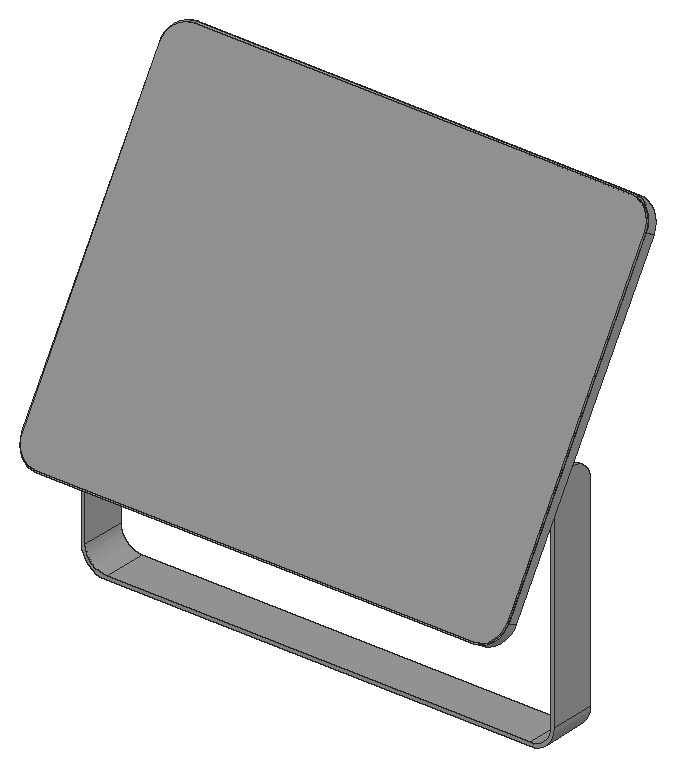
Revit family "0047976 Sylvania Lighting Fixture START eco Flood Flat IP65 9000lm 830", category Lighting Fixtures, host Face, Revit 2016
Family settings
  Host = Face
  Part Type = Normal
  Round Connector Dimension = Use Diameter
  OmniClass Number = 23.80.70.00
  OmniClass Title = Lighting
  Cut with Voids When Loaded = No
  Light Source = No
  Shared = No
  Room Calculation Point = No
Parameters (values of type "0047976 ST E FLD FLT IP65 9000LM 830")
  WidthBracketIn_SYL = if([10W_SYL], 102.2 mm, if([30W_SYL], 143.3 mm, if([50W_SYL], 181 mm, 262.8 mm)))  # 262.8 mm
  Weight = "8.875 kg"
  Wattage Comments = ""
  WarrantyStartDate [instance] = "n/a"
  WarrantyGuarantorParts = "n/a"
  WarrantyDurationUnit = "n/a"
  WarrantyDurationParts = "n/a"
  WarrantyDescription = "n/a"
  Voltage = 0 V
  URL = "http://www.sylvania-lighting.com"
  TypeName = "START eco Flood Flat IP65 9000lm 830"
  TypeLight_SYL = START eco Flood Flat Lamp : 0047976 ST E FLD FLT IP65 9000LM 830
  Type Image = <None>
  Type Comments = "n/a"
  ThicknessBracket_SYL = if([10W_SYL], 1.5 mm, 2 mm)  # 2 mm
  SerialNumber [instance] = "n/a"
  RotationAngle_SYL [instance] = 32.00°
  RadiusBracket_SYL = if([10W_SYL], 7.7 mm, if([30W_SYL], 8 mm, if([50W_SYL], 17 mm, 14 mm)))  # 14 mm
  RadiusBracketIn_SYL = RadiusBracket_SYL - ThicknessBracket_SYL  # 12 mm
  OffsetAxis_SYL = DepthBracket_SYL / 2  # 12.5 mm
  PowerFactor = 0.9
  PowerConsumption = "100 W"
  NominalLength = 283 mm
  NominalHeight = 44 mm
  NominalDepth = 263 mm
  Name = "START eco Flood Flat IP65 9000lm 830"
  ModelReference = Name  # "START eco Flood Flat IP65 9000lm 830"
  ModelNumber = "0047976"
  Model = Name  # "START eco Flood Flat IP65 9000lm 830"
  Material = "adc12 housing"
  ManufacturerName = "Feilo Sylvania"
  Manufacturer = "Feilo Sylvania"
  LuminousEfficacy = "90 lm/W"
  LuminaireType = ""
  LightOutputRatio = "n/a"
  LampsType = Lamp  # "LED"
  LampNominalLuminous = "9000 lm"
  LampMacAdamStep = "n/a"
  LampColourTemperature = "3000 K"
  LampColourRenderingIndex = "80"
  Lamp = "LED"
  Keynote = "16500"
  InstallationDate [instance] = "n/a"
  InputVoltage = "n/a"
  InputNominalFrequency = "n/a"
  IngressProtection = "IP65"
  ImpactProtectionIndex = "IK07"
  IfcExportType = "IfcLightFixtureType"
  IfcExportAs = "IfcLightFixtureType"
  HeightBracket_SYL = if([10W_SYL], 55 mm, if([30W_SYL], 70 mm, if([50W_SYL], 110 mm, 141 mm)))  # 141 mm
  ExpectedLife = 30000
  EndAngle_SYL [instance] = RotationAngle_SYL + 180.00°  # 212.00°
  ElectricShockClassification = "Class I"
  DurationUnit = "hours"
  DocumentationLiterature = "http://www.sylvania-lighting.com/product/en-int/products/0047976"
  DimmingControlOptions = "n/a"
  Description = "The new Start eco Flood Flat comes with improved design. The streamlined, durable, lightweight die-cast aluminium body makes it a perfect choice for building facades, car parks, garages and construction areas. The product includes 1 m pre-wired stripped cable and fitting bracket for quick and easy installation and the universal mounting bracket allows wall or surface mounting with the possibility of vertical tilting. Black die-cast aluminum housing, white reflector, 9000 lm, 100 W, 90 lm/W, 3000K, drive current 386 mA, non dimmable, CRI>80, IP65, IK07, Class I, lumen maintenance L70:B50: 30000 hrs, 283 x 263 x 44 mm (L x W x H). Weight: 1.775kg. Energy class: A++ A+ A."
  DepthBracket_SYL = if([10W_SYL], 15 mm, if([30W_SYL], 15 mm, if([50W_SYL], 17 mm, 25 mm)))  # 25 mm
  Default Elevation = 1219.2 mm
  CreatedOn = "10/8/2018"
  CreatedBy = "@sylvania-lighting.com"
  Cost = 0
  built-in parameter 1114216 [instance] = (empty or 0)
  ClassificationValue = "EF_70_80"
  ClassificationName = "Uniclass2015"
  Material_1_SYL = Body-Sylvania-FloodFlat-Black
  BarCode [instance] = "n/a"
  AssetType = "Fixed"
  AssetIdentifier [instance] = "n/a"
  Assembly Code = "D5020200"
  Apparent Load = 100 VA
  50W_SYL = no
  30W_SYL = no
  10W_SYL = no
Reference planes
  plane 1 "Center (Front/Back)": y = 0
  plane 2: z = 0
  plane 3 "Center (Left/Right)": x = 0
  plane 4: x = -133.4
  plane 5: x = 133.4
  plane 6: z = 141
  plane 7: z = 128.5
  plane 8: x = -131.4
  plane 9: x = 131.4
  plane 10: z = 2
  plane 11: y = 12.5
  plane 12: y = -12.5
  plane 13: x = -119.4
  plane 14: z = 14
  plane 15: x = 119.4
  plane 16: y = -14.5
  plane 17: z = 143
  plane 18: y = 14.5
Forms (mm)
  Extrusion 1, solid, material "Body-Sylvania-FloodFlat-Black" <- "Material_1_SYL"
    sketch origin (0, 0, 0) x (1, 0, 0) y (0, 0, 1)
      loop
        line (-131.4, 141) -> (-133.4, 141) -> (-133.4, 14)
        arc (-133.4, 14) -> (-129.299, 4.101) -> (-119.4, 0) r 14
        line (-119.4, 0) -> (119.4, 0)
        arc (119.4, 0) -> (129.299, 4.101) -> (133.4, 14) r 14
        line (133.4, 14) -> (133.4, 141) -> (131.4, 141) -> (131.4, 14)
        arc (131.4, 14) -> (127.885, 5.515) -> (119.4, 2) r 12
        line (119.4, 2) -> (-119.4, 2)
        arc (-119.4, 2) -> (-127.885, 5.515) -> (-131.4, 14) r 12
        line (-131.4, 14) -> (-131.4, 141)
    from -12.5 to 12.5
  Extrusion 2, void
    sketch origin (0, 0, 0) x (0, 1, 0) y (0, 0, 1)
      loop
        line (12.5, 128.5) -> (14.5, 128.5) -> (14.5, 143) -> (-14.5, 143) -> (-14.5, 128.5) -> (-12.5, 128.5)
        arc (-12.5, 128.5) -> (0, 141) -> (12.5, 128.5) r 12.5
    from -133.4 to 133.4
  Revolve 3, solid, not visible
    sketch origin (0, 0, 0) x (1, 0, 0) y (0, 0, 1)
      loop
        line (0, 128.5) -> (0, 141) -> (-12.336, 141) -> (-12.336, 128.5) -> (0, 128.5)
      axis (0, 128.5) -> (-12.336, 128.5)
    angle from 32 <- "RotationAngle_SYL" to 212 <- "EndAngle_SYL"
Cuts and joins
  Extrusion 2 cuts Extrusion 1
Dimensions and locks
  equal spacing: plane 9, plane 3 "Center (Left/Right)", plane 8
  "WidthBracketIn_SYL": plane 9 to plane 8
  "ThicknessBracket_SYL": plane 8 to plane 4
  "ThicknessBracket_SYL": plane 5 to plane 9
  "ThicknessBracket_SYL": plane 10 to plane 2
  equal spacing: plane 12, plane 1 "Center (Front/Back)", plane 11
  "DepthBracket_SYL": plane 12 to plane 11
  "OffsetAxis_SYL": plane 7 to plane 6
  "HeightBracket_SYL": plane 6 to plane 2
  "RadiusBracket_SYL": plane 14 to plane 2
  equal spacing: plane 15, plane 3 "Center (Left/Right)", plane 13
  "RadiusBracket_SYL": plane 13 to plane 4
  equal spacing: plane 16, plane 1 "Center (Front/Back)", plane 18
  locked: plane 16 to plane 12 at 2
  locked: plane 6 to plane 17 at 2
  "RadiusBracket_SYL": radius of Extrusion 1 sketch curve  (x2)
  "RadiusBracketIn_SYL": radius of Extrusion 1 sketch curve  (x2)
  aligned and locked: plane 2 to host face
  aligned and locked: level to host face
  aligned and locked: Extrusion 1 sketch curve to plane 6  (x2)
  aligned and locked: Extrusion 1 sketch curve to plane 4
  aligned and locked: plane 5 to Extrusion 1 sketch curve
  aligned and locked: Extrusion 1 sketch curve to plane 9
  aligned and locked: Extrusion 1 sketch curve to plane 2
  aligned and locked: plane 13 to Extrusion 1 sketch curve
  aligned and locked: plane 14 to Extrusion 1 sketch curve  (x2)
  aligned and locked: plane 15 to Extrusion 1 sketch curve
  aligned and locked: Extrusion 1 to plane 11
  aligned and locked: plane 12 to Extrusion 1
  aligned and locked: plane 11 to Extrusion 2 sketch curve
  aligned and locked: plane 1 "Center (Front/Back)" to Extrusion 2 sketch curve
  aligned and locked: plane 7 to Extrusion 2 sketch curve
  aligned and locked: plane 17 to Extrusion 2 sketch curve
  aligned and locked: plane 18 to Extrusion 2 sketch curve
  aligned and locked: Extrusion 2 sketch curve to plane 16
  aligned and locked: Extrusion 2 sketch curve to plane 7  (x2)
  aligned and locked: plane 5 to Extrusion 2
  aligned and locked: Extrusion 2 to plane 4
  aligned and locked: Revolve 3 sketch curve to plane 7  (x2)
  aligned and locked: Revolve 3 sketch curve to plane 3 "Center (Left/Right)"
  aligned and locked: plane 6 to Revolve 3 sketch curve
  aligned and locked: plane 3 "Center (Left/Right)" to nested 1
Automatic sketch dimensions
  host sketch curve to host sketch curve = 2438.4 mm  (x2)
  Revolve 3 sketch curve to plane 3 "Center (Left/Right)" = 12.336 mm
  Revolve 3 sketch curve to plane 4 = 1122.5 mm
  plane 5 to Revolve 3 sketch curve = 1130.9 mm
Nested families
  nested 1: "START eco Flood Flat Lamp" at (0, 14.785, 152.161) x (1, 0, 0) z (0, -0.848, 0.5299), type <- "TypeLight_SYL", type "0047976 ST E FLD FLT IP65 9000LM 830"
    with built-in parameter 1114216 (empty or 0)
Connectors
  electrical at (0, 0, 0), driven by "Apparent Load", driven by "PowerFactor", driven by "Voltage"
    settings: index 1, voltage 0 V, apparent load 100 VA, apparent load phase1 0 VA, apparent load phase2 0 VA, apparent load phase3 0 VA, power factor 0.9, load classification "Lighting", number of poles 1, system type 30, power factor state 1, is connector primary yes, connector utility no, sub classification motor no, connector description ""
Definition of nested family "START eco Flood Flat Lamp"
  Parameters (values of type "0047977 ST E FLD FLT IP65 9000LM 840")
    Width_SYL = if([10W_SYL], 110 mm, if([30W_SYL], 151 mm, if([50W_SYL], 189 mm, 275 mm)))  # 275 mm
    WidthLEDBoard_SYL = if([10W_SYL], 40 mm, if([30W_SYL], 83 mm, if([50W_SYL], 80 mm, 180 mm)))  # 180 mm
    WidthVignette_SYL = if([10W_SYL], 78.6 mm, if([30W_SYL], 120 mm, if([50W_SYL], 157 mm, 226 mm)))  # 226 mm
    WidthBoltHousing_SYL = 4 * OffsetBoltHousing_SYL  # 24.5 mm
    Wattage Comments = "n/a"
    Wattage = 100 W
    built-in parameter 1150110 = 1 (stored number, unit not read)
    URL = "http://www.sylvania-lighting.com"
    Type Image = (empty or 0)
    Type Comments = "n/a"
    built-in parameter 1114217 = 1 (stored number, unit not read)
    Tilt Angle = -90.00°
    ThicknessScreen_SYL = if([10W_SYL], 5 mm, if([30W_SYL], 5.2 mm, if([50W_SYL], 5.4 mm, 6.1 mm)))  # 6.1 mm
    ThicknessDiffuser_SYL = 0.8 mm  # constant formula
    built-in parameter 1150109 = 1 (stored number, unit not read)
    built-in parameter 1150134 = 12
    built-in parameter 1150113 = 1 (stored number, unit not read)
    RotationAxisFromTop_SYL = if([10W_SYL], 48.8 mm, if([30W_SYL], 61.7 mm, if([50W_SYL], 91.3 mm, 133.4 mm)))  # 133.4 mm
    RadiusLEDBoard_SYL = if([10W_SYL], 1.5 mm, if([30W_SYL], 2 mm, if([50W_SYL], 1.9 mm, 3.7 mm)))  # 3.7 mm
    RadiusDiffuser_SYL = RadiusCorners_SYL - ThicknessDiffuser_SYL  # 13.4 mm
    RadiusCorners_SYL = if([10W_SYL], 10.5 mm, if([30W_SYL], 10.7 mm, if([50W_SYL], 10.7 mm, 14.2 mm)))  # 14.2 mm
    RadiusBoltHousing_SYL = if([10W_SYL], 4.1 mm, if([30W_SYL], 4.9 mm, if([50W_SYL], 5 mm, 8.1 mm)))  # 8.1 mm
    RadiusBack_SYL = RadiusCorners_SYL - OffsetXBack_SYL / 3  # 10.117 mm
    RadiusBackB_SYL = RadiusBack_SYL - OffsetXBackB_SYL  # 7.054 mm
    Photometric Web File = "0047977.ies"
    PIR_SYL = no
    PIRHolderRadius_SYL = PIRBaseFillet_SYL + 2 mm  # 11 mm
    PIRFillet_SYL = 3 mm  # constant formula
    PIRBaseWidth_SYL = 38 mm
    PIRBaseFillet_SYL = PIRBaseDepth_SYL / 2  # 9 mm
    PIRBaseDepth_SYL = 18 mm
    OffsetYBack_SYL = (Height_SYL - HeightVignette_SYL) / 4  # 11 mm
    OffsetYBackB_SYL = OffsetYBack_SYL / 4  # 2.75 mm
    OffsetXBack_SYL = (Width_SYL - WidthVignette_SYL) / 4  # 12.25 mm
    OffsetXBackB_SYL = OffsetXBack_SYL / 4  # 3.063 mm
    OffsetBoltHousing_SYL = OffsetXBack_SYL / 2  # 6.125 mm
    Material_7_SYL = none
    Material_6_SYL = none
    Material_5_SYL = none
    Material_3_SYL = none
    Model = "START eco Flood Flat IP65 9000lm 840"
    Manufacturer = "Feilo Sylvania"
    built-in parameter 1150105 = 3437 (stored number, unit not read)
    Lumens = 9500 lm
    built-in parameter 1150115 = 1 (stored number, unit not read)
    built-in parameter 1150137 = (empty or 0)
    built-in parameter 1150139 = (empty or 0)
    built-in parameter 1150112 = 1 (stored number, unit not read)
    built-in parameter 1150114 = 1 (stored number, unit not read)
    Lamp = "LED"
    Keynote = "16500"
    Material_2_SYL = none
    InsertionPlaneFromTop_SYL = if([10W_SYL], 15.1 mm, if([30W_SYL], 14.5 mm, if([50W_SYL], 14.8 mm, 19.3 mm)))  # 19.3 mm
    built-in parameter 1150132 = (empty or 0)
    built-in parameter 1150102 = (empty or 0)
    built-in parameter 1150107 = 4000 (stored number, unit not read)
    built-in parameter 1150138 = (empty or 0)
    built-in parameter 1150106 = 34.37 (stored number, unit not read)
    Height_SYL = if([10W_SYL], 81.6 mm, if([30W_SYL], 112 mm, if([50W_SYL], 140.5 mm, 211 mm)))  # 211 mm
    HeightVignette_SYL = if([10W_SYL], 50 mm, if([30W_SYL], 81 mm, if([50W_SYL], 110 mm, 167 mm)))  # 167 mm
    HeightLEDBoard_SYL = if([10W_SYL], 25 mm, if([30W_SYL], 39 mm, if([50W_SYL], 56 mm, 132 mm)))  # 132 mm
    Emit from Rectangle Width = HeightVignette_SYL - 2 * RadiusVignette_SYL  # 146.2 mm
    Emit from Rectangle Length = WidthVignette_SYL - 2 * RadiusVignette_SYL  # 205.2 mm
    Emit Shape Visible in Rendering = no
    built-in parameter 1150104 = 8.8258 (stored number, unit not read)
    Dimming Lamp Color Temperature Shift = (empty or 0)
    DepthLEDBoard_SYL = (ThicknessScreen_SYL + DepthBack_SYL) / 9  # 2.289 mm
    DepthBack_SYL = if([10W_SYL], 10.2 mm, if([30W_SYL], 14.7 mm, if([50W_SYL], 16.9 mm, 14.5 mm)))  # 14.5 mm
    RadiusVignette_SYL = if([10W_SYL], 4.1 mm, if([30W_SYL], 4.1 mm, if([50W_SYL], 4.1 mm, 10.4 mm)))  # 10.4 mm
    Description = "The new Start eco Flood Flat comes with improved design. The streamlined, durable, lightweight die-cast aluminium body makes it a perfect choice for building facades, car parks, garages and construction areas. The product includes 1 m pre-wired stripped cable and fitting bracket for quick and easy installation and the universal mounting bracket allows wall or surface mounting with the possibility of vertical tilting. Black die-cast aluminum housing, white reflector, 9500 lm, 100 W, 95 lm/W, 4000K, drive current 386 mA, non dimmable, CRI>80, IP65, IK07, Class I, lumen maintenance L70:B50: 30000 hrs, 283 x 263 x 44 mm (L x W x H). Weight: 1.775kg. Energy class: A++ A+ A."
    DepthReflector_SYL = (ThicknessScreen_SYL + DepthBack_SYL) / 2  # 10.3 mm
    Default Elevation = 1219.2 mm
    Cost = 0
    Color Filter = 16777215
    built-in parameter 1114216 [instance] = (empty or 0)
    Material_1_SYL = none
    built-in parameter 1114218 = 1 (stored number, unit not read)
    built-in parameter 1150133 = 10 (stored number, unit not read)
    Assembly Code = "D5020200"
    Apparent Load = 100 VA
    Material_4_SYL = none
    50W_SYL = no
    30W_SYL = no
    10W_SYL = no
  Types (16, lengths in mm): name | Width_SYL | WidthLEDBoard_SYL | WidthVignette_SYL | WidthBoltHousing_SYL | Wattage | ThicknessScreen_SYL | built-in parameter 1150134 | RotationAxisFromTop_SYL | RadiusLEDBoard_SYL | RadiusDiffuser_SYL | RadiusCorners_SYL | RadiusBoltHousing_SYL | RadiusBack_SYL | RadiusBackB_SYL | Photometric Web File | PIR_SYL | OffsetYBack_SYL | OffsetYBackB_SYL | OffsetXBack_SYL | OffsetXBackB_SYL | OffsetBoltHousing_SYL | Model | built-in parameter 1150105 | Lumens | InsertionPlaneFromTop_SYL | built-in parameter 1150107 | built-in parameter 1150106 | Height_SYL | HeightVignette_SYL | HeightLEDBoard_SYL | Emit from Rectangle Width | Emit from Rectangle Length | built-in parameter 1150104 | DepthLEDBoard_SYL | DepthBack_SYL | RadiusVignette_SYL | Description | DepthReflector_SYL | Apparent Load | 50W_SYL | 30W_SYL | 10W_SYL
    0047977 ST E FLD FLT IP65 9000LM 840 | 275 | 180 | 226 | 24.5 | 100 W | 6.1 | 12 | 133.4 | 3.7 | 13.4 | 14.2 | 8.1 | 10.117 | 7.054 | "0047977.ies" | no | 11 | 2.75 | 12.25 | 3.063 | 6.125 | "START eco Flood Flat IP65 9000lm 840" | 3437 (stored number, unit not read) | 9500 lm | 19.3 | 4000 (stored number, unit not read) | 34.37 (stored number, unit not read) | 211 | 167 | 132 | 146.2 | 205.2 | 8.8258 (stored number, unit not read) | 2.289 | 14.5 | 10.4 | "The new Start eco Flood Flat comes with improved design. The streamlined, durable, lightweight die-cast aluminium body makes it a perfect choice for building facades, car parks, garages and construction areas. The product includes 1 m pre-wired stripped cable and fitting bracket for quick and easy installation and the universal mounting bracket allows wall or surface mounting with the possibility of vertical tilting. Black die-cast aluminum housing, white reflector, 9500 lm, 100 W, 95 lm/W, 4000K, drive current 386 mA, non dimmable, CRI>80, IP65, IK07, Class I, lumen maintenance L70:B50: 30000 hrs, 283 x 263 x 44 mm (L x W x H). Weight: 1.775kg. Energy class: A++ A+ A." | 10.3 | 100 VA | no | no | no
    0047976 ST E FLD FLT IP65 9000LM 830 | 275 | 180 | 226 | 24.5 | 100 W | 6.1 | (empty or 0) | 133.4 | 3.7 | 13.4 | 14.2 | 8.1 | 10.117 | 7.054 | "0047976.ies" | no | 11 | 2.75 | 12.25 | 3.063 | 6.125 | "START eco Flood Flat IP65 9000lm 830" | 3256.1 (stored number, unit not read) | 9000 lm | 19.3 | 3000 (stored number, unit not read) | 32.561 (stored number, unit not read) | 211 | 167 | 132 | 146.2 | 205.2 | 8.3613 (stored number, unit not read) | 2.289 | 14.5 | 10.4 | "The new Start eco Flood Flat comes with improved design. The streamlined, durable, lightweight die-cast aluminium body makes it a perfect choice for building facades, car parks, garages and construction areas. The product includes 1 m pre-wired stripped cable and fitting bracket for quick and easy installation and the universal mounting bracket allows wall or surface mounting with the possibility of vertical tilting. Black die-cast aluminum housing, white reflector, 9000 lm, 100 W, 90 lm/W, 3000K, drive current 386 mA, non dimmable, CRI>80, IP65, IK07, Class I, lumen maintenance L70:B50: 30000 hrs, 283 x 263 x 44 mm (L x W x H). Weight: 1.775kg. Energy class: A++ A+ A." | 10.3 | 100 VA | no | no | no
    0047973 ST E FLD FLT IP65 6500LM 840 | 275 | 180 | 226 | 24.5 | 70 W | 6.1 | 12 | 133.4 | 3.7 | 13.4 | 14.2 | 8.1 | 10.117 | 7.054 | "0047973.ies" | no | 11 | 2.75 | 12.25 | 3.063 | 6.125 | "START eco Flood Flat IP65 6500lm 840" | 2460.1 (stored number, unit not read) | 6650 lm | 19.3 | 4000 (stored number, unit not read) | 24.601 (stored number, unit not read) | 211 | 167 | 132 | 146.2 | 205.2 | 8.8258 (stored number, unit not read) | 2.289 | 14.5 | 10.4 | "The new Start eco Flood Flat comes with improved design. The streamlined, durable, lightweight die-cast aluminium body makes it a perfect choice for building facades, car parks, garages and construction areas. The product includes 1 m pre-wired stripped cable and fitting bracket for quick and easy installation and the universal mounting bracket allows wall or surface mounting with the possibility of vertical tilting. Black die-cast aluminum housing, white reflector, 6650 lm, 70 W, 95 lm/W, 4000K, drive current 270 mA, non dimmable, CRI>80, IP65, IK07, Class I, lumen maintenance L70:B50: 30000 hrs, 283 x 263 x 44 mm (L x W x H). Weight: 1.775kg. Energy class: A++ A+ A." | 10.3 | 70 VA | no | no | no
    0047972 ST E FLD FLT IP65 6500LM 830 | 275 | 180 | 226 | 24.5 | 70 W | 6.1 | (empty or 0) | 133.4 | 3.7 | 13.4 | 14.2 | 8.1 | 10.117 | 7.054 | "0047972.ies" | no | 11 | 2.75 | 12.25 | 3.063 | 6.125 | "START eco Flood Flat IP65 6500lm 830" | 2330.6 (stored number, unit not read) | 6300 lm | 19.3 | 3000 (stored number, unit not read) | 23.306 (stored number, unit not read) | 211 | 167 | 132 | 146.2 | 205.2 | 8.3613 (stored number, unit not read) | 2.289 | 14.5 | 10.4 | "The new Start eco Flood Flat comes with improved design. The streamlined, durable, lightweight die-cast aluminium body makes it a perfect choice for building facades, car parks, garages and construction areas. The product includes 1 m pre-wired stripped cable and fitting bracket for quick and easy installation and the universal mounting bracket allows wall or surface mounting with the possibility of vertical tilting. Black die-cast aluminum housing, white reflector, 6300 lm, 70 W, 90 lm/W, 3000K, drive current 270 mA, non dimmable, CRI>80, IP65, IK07, Class I, lumen maintenance L70:B50: 30000 hrs, 283 x 263 x 44 mm (L x W x H). Weight: 1.775kg. Energy class: A++ A+ A." | 10.3 | 70 VA | no | no | no
    0047971 ST E FLD FLT IP54 PIR 4500LM 840 | 189 | 80 | 157 | 16 | 51 W | 5.4 | 12 | 91.3 | 1.9 | 9.9 | 10.7 | 5 | 8.033 | 6.033 | "0047971.ies" | yes | 7.625 | 1.906 | 8 | 2 | 4 | "START eco Flood Flat IP54 PIR 4500lm 840" | 1695.8 (stored number, unit not read) | 4743 lm | 14.8 | 4000 (stored number, unit not read) | 16.958 (stored number, unit not read) | 140.5 | 110 | 56 | 101.8 | 148.8 | 8.64 (stored number, unit not read) | 2.478 | 16.9 | 4.1 | "The new Start eco Flood Flat comes with improved design. The streamlined, durable, lightweight die-cast aluminium body makes it a perfect choice for building facades, car parks, garages and construction areas. The product includes 1 m pre-wired stripped cable and fitting bracket for quick and easy installation and the universal mounting bracket allows wall or surface mounting with the possibility of vertical tilting. Black die-cast aluminum housing, white reflector, 4750 lm, 51 W, 93 lm/W, 4000K, drive current 193 mA, non dimmable, CRI>80, IP54, IK07 - fixture, IK05 - sensor, Class I, lumen maintenance L70:B50: 30000 hrs, 193 x 216 x 70 mm (L x W x H). Weight: 0.85kg.  PIR sensor included. Energy class: A++ A+ A." | 11.15 | 51 VA | yes | no | no
    0047970 ST E FLD FLT IP54 PIR 4500LM 830 | 189 | 80 | 157 | 16 | 51 W | 5.4 | (empty or 0) | 91.3 | 1.9 | 9.9 | 10.7 | 5 | 8.033 | 6.033 | "0047970.ies" | yes | 7.625 | 1.906 | 8 | 2 | 4 | "START eco Flood Flat IP54 PIR 4500lm 830" | 1604.6 (stored number, unit not read) | 4488 lm | 14.8 | 3000 (stored number, unit not read) | 16.046 (stored number, unit not read) | 140.5 | 110 | 56 | 101.8 | 148.8 | 8.1755 (stored number, unit not read) | 2.478 | 16.9 | 4.1 | "The new Start eco Flood Flat comes with improved design. The streamlined, durable, lightweight die-cast aluminium body makes it a perfect choice for building facades, car parks, garages and construction areas. The product includes 1 m pre-wired stripped cable and fitting bracket for quick and easy installation and the universal mounting bracket allows wall or surface mounting with the possibility of vertical tilting. Black die-cast aluminum housing, white reflector, 4500 lm, 51 W, 88 lm/W, 3000K, drive current 193 mA, non dimmable, CRI>80, IP54, IK07 - fixture, IK05 - sensor, Class I, lumen maintenance L70:B50: 30000 hrs, 193 x 216 x 70 mm (L x W x H). Weight: 0.85kg.  PIR sensor included. Energy class: A++ A+ A." | 11.15 | 51 VA | yes | no | no
    0047969 ST E FLD FLT IP65 4500LM 840 | 189 | 80 | 157 | 16 | 50 W | 5.4 | 12 | 91.3 | 1.9 | 9.9 | 10.7 | 5 | 8.033 | 6.033 | "0047969.ies" | no | 7.625 | 1.906 | 8 | 2 | 4 | "START eco Flood Flat IP65 4500lm 840" | 1698.3 (stored number, unit not read) | 4750 lm | 14.8 | 4000 (stored number, unit not read) | 16.983 (stored number, unit not read) | 140.5 | 110 | 56 | 101.8 | 148.8 | 8.8258 (stored number, unit not read) | 2.478 | 16.9 | 4.1 | "The new Start eco Flood Flat comes with improved design. The streamlined, durable, lightweight die-cast aluminium body makes it a perfect choice for building facades, car parks, garages and construction areas. The product includes 1 m pre-wired stripped cable and fitting bracket for quick and easy installation and the universal mounting bracket allows wall or surface mounting with the possibility of vertical tilting. Black die-cast aluminum housing, white reflector, 4750 lm, 50 W, 95 lm/W, 4000K, drive current 193 mA, non dimmable, CRI>80, IP65, IK07, Class I, lumen maintenance L70:B50: 30000 hrs, 193 x 190 x 48 mm (L x W x H). Weight: 0.785kg. Energy class: A++ A+ A." | 11.15 | 50 VA | yes | no | no
    0047968 ST E FLD FLT IP65 4500LM 830 | 189 | 80 | 157 | 16 | 50 W | 5.4 | (empty or 0) | 91.3 | 1.9 | 9.9 | 10.7 | 5 | 8.033 | 6.033 | "0047968.ies" | no | 7.625 | 1.906 | 8 | 2 | 4 | "START eco Flood Flat IP65 4500lm 830" | 1608.9 (stored number, unit not read) | 4500 lm | 14.8 | 3000 (stored number, unit not read) | 16.089 (stored number, unit not read) | 140.5 | 110 | 56 | 101.8 | 148.8 | 8.3613 (stored number, unit not read) | 2.478 | 16.9 | 4.1 | "The new Start eco Flood Flat comes with improved design. The streamlined, durable, lightweight die-cast aluminium body makes it a perfect choice for building facades, car parks, garages and construction areas. The product includes 1 m pre-wired stripped cable and fitting bracket for quick and easy installation and the universal mounting bracket allows wall or surface mounting with the possibility of vertical tilting. Black die-cast aluminum housing, white reflector, 4500 lm, 50 W, 90 lm/W, 3000K, drive current 193 mA, non dimmable, CRI>80, IP65, IK07, Class I, lumen maintenance L70:B50: 30000 hrs, 193 x 190 x 48 mm (L x W x H). Weight: 0.785kg. Energy class: A++ A+ A." | 11.15 | 50 VA | yes | no | no
    0047967 ST E FLD FLT IP54 PIR 2800LM 840 | 151 | 83 | 120 | 15.5 | 31 W | 5.2 | 12 | 61.7 | 2 | 9.9 | 10.7 | 4.9 | 8.117 | 6.179 | "0047967.ies" | yes | 7.75 | 1.938 | 7.75 | 1.938 | 3.875 | "START eco Flood Flat IP54 PIR 2800lm 840" | 1045.5 (stored number, unit not read) | 2852 lm | 14.5 | 4000 (stored number, unit not read) | 10.455 (stored number, unit not read) | 112 | 81 | 39 | 72.8 | 111.8 | 8.5471 (stored number, unit not read) | 2.211 | 14.7 | 4.1 | "The new Start eco Flood Flat comes with improved design. The streamlined, durable, lightweight die-cast aluminium body makes it a perfect choice for building facades, car parks, garages and construction areas. The product includes 1 m pre-wired stripped cable and fitting bracket for quick and easy installation and the universal mounting bracket allows wall or surface mounting with the possibility of vertical tilting. Black die-cast aluminum housing, white reflector, 2850 lm, 31 W, 92 lm/W, 4000K, drive current 116 mA, non dimmable, CRI>80, IP54, IK06 - fixture, IK05 - sensor, Class I, lumen maintenance L70:B50: 30000 hrs, 156 x 178 x 67 mm (L x W x H). Weight: 0.61kg.  PIR sensor included. Energy class: A++ A+ A." | 9.95 | 31 VA | no | yes | no
    0047966 ST E FLD FLT IP54 PIR 2800LM 830 | 151 | 83 | 120 | 15.5 | 31 W | 5.2 | (empty or 0) | 61.7 | 2 | 9.9 | 10.7 | 4.9 | 8.117 | 6.179 | "0047966.ies" | yes | 7.75 | 1.938 | 7.75 | 1.938 | 3.875 | "START eco Flood Flat IP54 PIR 2800lm 830" | 988.72 (stored number, unit not read) | 2697 lm | 14.5 | 3000 (stored number, unit not read) | 9.8872 (stored number, unit not read) | 112 | 81 | 39 | 72.8 | 111.8 | 8.0826 (stored number, unit not read) | 2.211 | 14.7 | 4.1 | "The new Start eco Flood Flat comes with improved design. The streamlined, durable, lightweight die-cast aluminium body makes it a perfect choice for building facades, car parks, garages and construction areas. The product includes 1 m pre-wired stripped cable and fitting bracket for quick and easy installation and the universal mounting bracket allows wall or surface mounting with the possibility of vertical tilting. Black die-cast aluminum housing, white reflector, 2700 lm, 31 W, 87 lm/W, 3000K, drive current 116 mA, non dimmable, CRI>80, IP54, IK06 - fixture, IK05 - sensor, Class I, lumen maintenance L70:B50: 30000 hrs, 156 x 178 x 67 mm (L x W x H). Weight: 0.61kg.  PIR sensor included. Energy class: A++ A+ A." | 9.95 | 31 VA | no | yes | no
    0047965 ST E FLD FLT IP65 2800LM 840 | 151 | 83 | 120 | 15.5 | 30 W | 5.2 | 12 | 61.7 | 2 | 9.9 | 10.7 | 4.9 | 8.117 | 6.179 | "0047965.ies" | no | 7.75 | 1.938 | 7.75 | 1.938 | 3.875 | "START eco Flood Flat IP65 2800lm 840" | 1044.8 (stored number, unit not read) | 2850 lm | 14.5 | 4000 (stored number, unit not read) | 10.448 (stored number, unit not read) | 112 | 81 | 39 | 72.8 | 111.8 | 8.8258 (stored number, unit not read) | 2.211 | 14.7 | 4.1 | "The new Start eco Flood Flat comes with improved design. The streamlined, durable, lightweight die-cast aluminium body makes it a perfect choice for building facades, car parks, garages and construction areas. The product includes 1 m pre-wired stripped cable and fitting bracket for quick and easy installation and the universal mounting bracket allows wall or surface mounting with the possibility of vertical tilting. Black die-cast aluminum housing, white reflector, 2850 lm, 30 W, 95 lm/W, 4000K, drive current 116 mA, non dimmable, CRI>80, IP65, IK06, Class I, lumen maintenance L70:B50: 30000 hrs, 156 x 126 x 38 mm (L x W x H). Weight: 0.545kg. Energy class: A++ A+ A." | 9.95 | 30 VA | no | yes | no
    0047964 ST E FLD FLT IP65 2800LM 830 | 151 | 83 | 120 | 15.5 | 30 W | 5.2 | (empty or 0) | 61.7 | 2 | 9.9 | 10.7 | 4.9 | 8.117 | 6.179 | "0047964.ies" | no | 7.75 | 1.938 | 7.75 | 1.938 | 3.875 | "START eco Flood Flat IP65 2800lm 830" | 989.82 (stored number, unit not read) | 2700 lm | 14.5 | 3000 (stored number, unit not read) | 9.8982 (stored number, unit not read) | 112 | 81 | 39 | 72.8 | 111.8 | 8.3613 (stored number, unit not read) | 2.211 | 14.7 | 4.1 | "The new Start eco Flood Flat comes with improved design. The streamlined, durable, lightweight die-cast aluminium body makes it a perfect choice for building facades, car parks, garages and construction areas. The product includes 1 m pre-wired stripped cable and fitting bracket for quick and easy installation and the universal mounting bracket allows wall or surface mounting with the possibility of vertical tilting. Black die-cast aluminum housing, white reflector, 2700 lm, 30 W, 90 lm/W, 3000K, drive current 116 mA, non dimmable, CRI>80, IP65, IK06, Class I, lumen maintenance L70:B50: 30000 hrs, 156 x 126 x 38 mm (L x W x H). Weight: 0.545kg. Energy class: A++ A+ A." | 9.95 | 30 VA | no | yes | no
    0047963 ST E FLD FLT IP54 PIR 900LM 840 | 110 | 40 | 78.6 | 15.7 | 11 W | 5 | 12 | 48.8 | 1.5 | 9.7 | 10.5 | 4.1 | 7.883 | 5.921 | "0047963.ies" | yes | 7.9 | 1.975 | 7.85 | 1.963 | 3.925 | "START eco Flood Flat IP54 PIR 900lm 840" | 365.78 (stored number, unit not read) | 946 lm | 15.1 | 4000 (stored number, unit not read) | 3.6578 (stored number, unit not read) | 81.6 | 50 | 25 | 41.8 | 70.4 | 7.9897 (stored number, unit not read) | 1.689 | 10.2 | 4.1 | "The new Start eco Flood Flat comes with improved design. The streamlined, durable, lightweight die-cast aluminium body makes it a perfect choice for building facades, car parks, garages and construction areas. The product includes 1 m pre-wired stripped cable and fitting bracket for quick and easy installation and the universal mounting bracket allows wall or surface mounting with the possibility of vertical tilting. Black die-cast aluminum housing, white reflector, 950 lm, 11 W, 86 lm/W, 4000K, drive current 38.6 mA, non dimmable, CRI>80, IP54, IK06 - fixture, IK05 - sensor, Class I, lumen maintenance L70:B50: 30000 hrs, 156 x 178 x 67 mm (L x W x H). Weight: 0.61kg.  PIR sensor included. Energy class: A++ A+ A." | 7.6 | 11 VA | no | no | yes
    0047962 ST E FLD FLT IP54 PIR 900LM 830 | 110 | 40 | 78.6 | 15.7 | 11 W | 5 | (empty or 0) | 48.8 | 1.5 | 9.7 | 10.5 | 4.1 | 7.883 | 5.921 | "0047962.ies" | yes | 7.9 | 1.975 | 7.85 | 1.963 | 3.925 | "START eco Flood Flat IP54 PIR 900lm 830" | 345.53 (stored number, unit not read) | 902 lm | 15.1 | 3000 (stored number, unit not read) | 3.4553 (stored number, unit not read) | 81.6 | 50 | 25 | 41.8 | 70.4 | 7.618 (stored number, unit not read) | 1.689 | 10.2 | 4.1 | "The new Start eco Flood Flat comes with improved design. The streamlined, durable, lightweight die-cast aluminium body makes it a perfect choice for building facades, car parks, garages and construction areas. The product includes 1 m pre-wired stripped cable and fitting bracket for quick and easy installation and the universal mounting bracket allows wall or surface mounting with the possibility of vertical tilting. Black die-cast aluminum housing, white reflector, 900 lm, 11 W, 82 lm/W, 3000K, drive current 38.6 mA, non dimmable, CRI>80, IP54, IK06 - fixture, IK05 - sensor, Class I, lumen maintenance L70:B50: 30000 hrs, 156 x 178 x 67 mm (L x W x H). Weight: 0.61kg.  PIR sensor included. Energy class: A++ A+ A." | 7.6 | 11 VA | no | no | yes
    0047961 ST E FLD FLT IP65 900LM 840 | 110 | 40 | 78.6 | 15.7 | 10 W | 5 | 12 | 48.8 | 1.5 | 9.7 | 10.5 | 4.1 | 7.883 | 5.921 | "0047961.ies" | no | 7.9 | 1.975 | 7.85 | 1.963 | 3.925 | "START eco Flood Flat IP65 900lm 840" | 367.33 (stored number, unit not read) | 950 lm | 15.1 | 4000 (stored number, unit not read) | 3.6733 (stored number, unit not read) | 81.6 | 50 | 25 | 41.8 | 70.4 | 8.8258 (stored number, unit not read) | 1.689 | 10.2 | 4.1 | "The new Start eco Flood Flat comes with improved design. The streamlined, durable, lightweight die-cast aluminium body makes it a perfect choice for building facades, car parks, garages and construction areas. The product includes 1 m pre-wired stripped cable and fitting bracket for quick and easy installation and the universal mounting bracket allows wall or surface mounting with the possibility of vertical tilting. Black die-cast aluminum housing, white reflector, 950 lm, 10 W, 95 lm/W, 4000K, drive current 38.6 mA, non dimmable, CRI>80, IP65, IK06, Class I, lumen maintenance L70:B50: 30000 hrs, 114 x 96 x 38 mm (L x W x H). Weight: 0.33kg. Energy class: A++ A+ A." | 7.6 | 10 VA | no | no | yes
    0047960 ST E FLD FLT IP65 900LM 830 | 110 | 40 | 78.6 | 15.7 | 10 W | 5 | (empty or 0) | 48.8 | 1.5 | 9.7 | 10.5 | 4.1 | 7.883 | 5.921 | "0047960.ies" | no | 7.9 | 1.975 | 7.85 | 1.963 | 3.925 | "START eco Flood Flat IP65 900lm 830" | 344.76 (stored number, unit not read) | 900 lm | 15.1 | 3000 (stored number, unit not read) | 3.4476 (stored number, unit not read) | 81.6 | 50 | 25 | 41.8 | 70.4 | 8.3613 (stored number, unit not read) | 1.689 | 10.2 | 4.1 | "The new Start eco Flood Flat comes with improved design. The streamlined, durable, lightweight die-cast aluminium body makes it a perfect choice for building facades, car parks, garages and construction areas. The product includes 1 m pre-wired stripped cable and fitting bracket for quick and easy installation and the universal mounting bracket allows wall or surface mounting with the possibility of vertical tilting. Black die-cast aluminum housing, white reflector, 900 lm, 10 W, 90 lm/W, 3000K, drive current 38.6 mA, non dimmable, CRI>80, IP65, IK06, Class I, lumen maintenance L70:B50: 30000 hrs, 114 x 96 x 38 mm (L x W x H). Weight: 0.33kg. Energy class: A++ A+ A." | 7.6 | 10 VA | no | no | yes
  Reference planes
    plane 1 "Center (Front/Back)": y = 0
    plane 2: z = 0
    plane 3 "Center (Left/Right)": x = 0
    plane 4: y = 105.5
    plane 5: y = -105.5
    plane 6: x = 137.5
    plane 7: x = -137.5
    plane 8: y = 83.5
    plane 9: y = -83.5
    plane 10: x = -113
    plane 11: x = 113
    plane 12: x = -123.3
    plane 13: y = 91.3
    plane 14: y = -91.3
    plane 15: x = 123.3
    plane 16: x = -102.6
    plane 17: y = 73.1
    plane 18: x = 102.6
    plane 19: y = -73.1
    plane 20: z = 19.3
    plane 21: z = 13.2
    plane 22: z = 9
    plane 23: z = -1.3
    plane 24: x = -125.25
    plane 25: y = 94.5
    plane 26: y = -94.5
    plane 27: x = 125.25
    plane 28: x = -122.187
    plane 29: x = 122.188
    plane 30: y = 91.75
    plane 31: y = -91.75
    plane 32: z = 18.5
    plane 33: x = -90
    plane 34: x = 90
    plane 35: y = 66
    plane 36: y = -66
    plane 37: z = 6.711
    plane 38: x = -136.7
    plane 39: y = 104.7
    plane 40: y = -104.7
    plane 41: x = 136.7
    plane 42: x = -131.375
    plane 43: x = 131.375
    plane 44: x = -106.875
    plane 45: x = 106.875
    plane 46 "RotationAxis": y = -27.9
    plane 47: y = -19.8
    plane 48: x = -19
    plane 49: x = 19
    plane 50: z = -10.3
    plane 51: z = 7.7
    plane 52: x = 10
    plane 53: x = -10
    plane 54: y = -155.5
    plane 55: y = -137.5
    plane 56: y = -146.5
    plane 57: x = -9
    plane 58: x = 9
    plane 59: y = -119.7
    plane 60: y = -173.3
    plane 61: x = -35.3
    plane 62: x = 35.3
    plane 63: z = 39.2
    plane 64: z = 33.7
  Forms (mm)
    Extrusion 1, solid
      sketch origin (4.2, 0, 0) x (1, 0, 0) y (0, 1, 0)
        loop
          line (-1219.2, 1219.2) -> (-1219.2, -1219.2) -> (1219.2, -1219.2) -> (1219.2, 1219.2) -> (-1219.2, 1219.2)
      from 0 to -68.017
    Extrusion 2, solid, material <- "Material_1_SYL"
      sketch origin (1223.4, -4572, 19.3) x (0, -1, 0) y (-1, 0, 0)
        loop
          line (-4677.5, 1346.7) -> (-4677.5, 1100.1)
          arc (-4677.5, 1100.1) -> (-4673.341, 1090.059) -> (-4663.3, 1085.9) r 14.2
          line (-4663.3, 1085.9) -> (-4480.7, 1085.9)
          arc (-4480.7, 1085.9) -> (-4470.659, 1090.059) -> (-4466.5, 1100.1) r 14.2
          line (-4466.5, 1100.1) -> (-4466.5, 1346.7)
          arc (-4466.5, 1346.7) -> (-4470.659, 1356.741) -> (-4480.7, 1360.9) r 14.2
          line (-4480.7, 1360.9) -> (-4663.3, 1360.9)
          arc (-4663.3, 1360.9) -> (-4673.341, 1356.741) -> (-4677.5, 1346.7) r 14.2
      from 6.1 to 0.8
    Blend 3, solid, material <- "Material_1_SYL"
      base sketch origin (1223.4, -4572, 13.2) x (0, -1, 0) y (1, 0, 0)
        loop
          arc (-4666.5, -1338.533) -> (-4663.537, -1345.687) -> (-4656.383, -1348.65) r 10.117
          line (-4656.383, -1348.65) -> (-4487.617, -1348.65)
          arc (-4487.617, -1348.65) -> (-4480.463, -1345.687) -> (-4477.5, -1338.533) r 10.117
          line (-4477.5, -1338.533) -> (-4477.5, -1108.267)
          arc (-4477.5, -1108.267) -> (-4480.463, -1101.113) -> (-4487.617, -1098.15) r 10.117
          line (-4487.617, -1098.15) -> (-4656.383, -1098.15)
          arc (-4656.383, -1098.15) -> (-4663.537, -1101.113) -> (-4666.5, -1108.267) r 10.117
          line (-4666.5, -1108.267) -> (-4666.5, -1338.533)
      top sketch origin (1223.4, -4572, 13.2) x (0, -1, 0) y (1, 0, 0)
        loop
          arc (-4663.75, -1338.533) -> (-4661.684, -1343.521) -> (-4656.696, -1345.588) r 7.054
          line (-4656.696, -1345.588) -> (-4487.304, -1345.588)
          arc (-4487.304, -1345.588) -> (-4482.316, -1343.521) -> (-4480.25, -1338.533) r 7.054
          line (-4480.25, -1338.533) -> (-4480.25, -1108.267)
          arc (-4480.25, -1108.267) -> (-4482.316, -1103.279) -> (-4487.304, -1101.213) r 7.054
          line (-4487.304, -1101.213) -> (-4656.696, -1101.213)
          arc (-4656.696, -1101.213) -> (-4661.684, -1103.279) -> (-4663.75, -1108.267) r 7.054
          line (-4663.75, -1108.267) -> (-4663.75, -1338.533)
      from 0 to -14.5
    Blend 4, void
      base sketch origin (1223.4, -4572, 18.5) x (-1, 0, 0) y (0, -1, 0)
        loop
          arc (1326, -4655.5) -> (1333.354, -4652.454) -> (1336.4, -4645.1) r 10.4
          line (1336.4, -4645.1) -> (1336.4, -4498.9)
          arc (1336.4, -4498.9) -> (1333.354, -4491.546) -> (1326, -4488.5) r 10.4
          line (1326, -4488.5) -> (1120.8, -4488.5)
          arc (1120.8, -4488.5) -> (1113.446, -4491.546) -> (1110.4, -4498.9) r 10.4
          line (1110.4, -4498.9) -> (1110.4, -4645.1)
          arc (1110.4, -4645.1) -> (1113.446, -4652.454) -> (1120.8, -4655.5) r 10.4
          line (1120.8, -4655.5) -> (1326, -4655.5)
      top sketch origin (1223.4, -4572, 18.5) x (0, -1, 0) y (1, 0, 0)
        loop
          arc (-4638, -1309.7) -> (-4636.916, -1312.316) -> (-4634.3, -1313.4) r 3.7
          line (-4634.3, -1313.4) -> (-4509.7, -1313.4)
          arc (-4509.7, -1313.4) -> (-4507.084, -1312.316) -> (-4506, -1309.7) r 3.7
          line (-4506, -1309.7) -> (-4506, -1137.1)
          arc (-4506, -1137.1) -> (-4507.084, -1134.484) -> (-4509.7, -1133.4) r 3.7
          line (-4509.7, -1133.4) -> (-4634.3, -1133.4)
          arc (-4634.3, -1133.4) -> (-4636.916, -1134.484) -> (-4638, -1137.1) r 3.7
          line (-4638, -1137.1) -> (-4638, -1309.7)
      from 0 to -9.5
    Extrusion 5, void
      sketch origin (1223.4, -4572, 9) x (-1, 0, 0) y (0, -1, 0)
        loop
          arc (1133.4, -4634.3) -> (1134.484, -4636.916) -> (1137.1, -4638) r 3.7
          line (1137.1, -4638) -> (1309.7, -4638)
          arc (1309.7, -4638) -> (1312.316, -4636.916) -> (1313.4, -4634.3) r 3.7
          line (1313.4, -4634.3) -> (1313.4, -4509.7)
          arc (1313.4, -4509.7) -> (1312.316, -4507.084) -> (1309.7, -4506) r 3.7
          line (1309.7, -4506) -> (1137.1, -4506)
          arc (1137.1, -4506) -> (1134.484, -4507.084) -> (1133.4, -4509.7) r 3.7
          line (1133.4, -4509.7) -> (1133.4, -4634.3)
      from 4.2 to -2.289
    Extrusion 6, solid, material <- "Material_3_SYL"
      sketch origin (1223.4, -4572, 19.3) x (0, -1, 0) y (-1, 0, 0)
        loop
          line (-4676.7, 1346.7) -> (-4676.7, 1100.1)
          arc (-4676.7, 1100.1) -> (-4672.775, 1090.625) -> (-4663.3, 1086.7) r 13.4
          line (-4663.3, 1086.7) -> (-4480.7, 1086.7)
          arc (-4480.7, 1086.7) -> (-4471.225, 1090.625) -> (-4467.3, 1100.1) r 13.4
          line (-4467.3, 1100.1) -> (-4467.3, 1346.7)
          arc (-4467.3, 1346.7) -> (-4471.225, 1356.175) -> (-4480.7, 1360.1) r 13.4
          line (-4480.7, 1360.1) -> (-4663.3, 1360.1)
          arc (-4663.3, 1360.1) -> (-4672.775, 1356.175) -> (-4676.7, 1346.7) r 13.4
      from 0 to 0.8
    Revolve 7, solid, material <- "Material_1_SYL"
      sketch origin (0, 0, 0) x (1, 0, 0) y (0, 1, 0)
        loop
          line (-131.375, -27.9) -> (-106.875, -27.9) -> (-106.875, -19.8) -> (-131.375, -19.8) -> (-131.375, -27.9)
        loop
          line (131.375, -27.9) -> (131.375, -19.8) -> (106.875, -19.8) -> (106.875, -27.9) -> (131.375, -27.9)
        axis (131.375, -27.9) -> (-131.375, -27.9)
      angle from 360 to 0
    Extrusion 8, solid, material <- "Material_1_SYL", visible <- "PIR_SYL"
      sketch origin (1524, -104.7, 1219.2) x (1, 0, 0) y (0, 0, 1)
        loop
          arc (-1514, -1229.5) -> (-1505, -1220.5) -> (-1514, -1211.5) r 9
          line (-1514, -1211.5) -> (-1534, -1211.5)
          arc (-1534, -1211.5) -> (-1543, -1220.5) -> (-1534, -1229.5) r 9
          line (-1534, -1229.5) -> (-1514, -1229.5)
      from 0 to -21.2
    Extrusion 9, solid, material <- "Material_6_SYL", visible <- "PIR_SYL"
      sketch origin (1524, -104.7, 1219.2) x (1, 0, 0) y (0, 0, 1)
        loop
          circle (-1524, -1220.5) r 9
      from 0 to 41.8
    Extrusion 10, solid, material <- "Material_6_SYL", visible <- "PIR_SYL"
      sketch origin (0, 0, 0) x (0, 1, 0) y (0, 0, 1)
        loop
          circle (-146.5, -1.3) r 11
      from -10 to 10
    Extrusion 11, solid, material <- "Material_6_SYL", visible <- "PIR_SYL"
      sketch origin (1223.4, -4572, -1.3) x (0, -1, 0) y (-1, 0, 0)
        loop
          circle (-4425.5, 1223.4) r 9
      from 0 to -14.5
    Extrusion 12, solid, material <- "Material_6_SYL", visible <- "PIR_SYL"
      sketch origin (1223.4, -4572, 13.2) x (0, -1, 0) y (-1, 0, 0)
        loop
          line (-4452.3, 1255.7) -> (-4452.3, 1191.1)
          arc (-4452.3, 1191.1) -> (-4451.421, 1188.979) -> (-4449.3, 1188.1) r 3
          line (-4449.3, 1188.1) -> (-4401.7, 1188.1)
          arc (-4401.7, 1188.1) -> (-4399.579, 1188.979) -> (-4398.7, 1191.1) r 3
          line (-4398.7, 1191.1) -> (-4398.7, 1255.7)
          arc (-4398.7, 1255.7) -> (-4399.579, 1257.821) -> (-4401.7, 1258.7) r 3
          line (-4401.7, 1258.7) -> (-4449.3, 1258.7)
          arc (-4449.3, 1258.7) -> (-4451.421, 1257.821) -> (-4452.3, 1255.7) r 3
      from 0 to -26
    Revolve 13, solid, material <- "Material_7_SYL", visible <- "PIR_SYL"
      sketch origin (0, -146.5, 2438.4) x (0, 0, 1) y (1, 0, 0)
        loop
          arc (-2387.2, 0) -> (-2390.514, 10.247) -> (-2399.2, 16.613) r 17.5
          line (-2399.2, 16.613) -> (-2399.2, 0) -> (-2387.2, 0)
        axis (-2399.2, 0) -> (-2387.2, 0)
      angle from 360 to 0
  Cuts and joins
    Blend 4, Extrusion 5 cuts Extrusion 2
    Blend 4, Extrusion 5 cuts Blend 3
    joined: Extrusion 2, Blend 3
  Lines and regions (mm)
    Split face 1
      outline origin (1223.4, -4572, 19.3) x (0, -1, 0) y (1, 0, 0)
        loop
          arc (-4655.5, -1326) -> (-4652.454, -1333.354) -> (-4645.1, -1336.4) r 10.4
          line (-4645.1, -1336.4) -> (-4498.9, -1336.4)
          arc (-4498.9, -1336.4) -> (-4491.546, -1333.354) -> (-4488.5, -1326) r 10.4
          line (-4488.5, -1326) -> (-4488.5, -1120.8)
          arc (-4488.5, -1120.8) -> (-4491.546, -1113.446) -> (-4498.9, -1110.4) r 10.4
          line (-4498.9, -1110.4) -> (-4645.1, -1110.4)
          arc (-4645.1, -1110.4) -> (-4652.454, -1113.446) -> (-4655.5, -1120.8) r 10.4
          line (-4655.5, -1120.8) -> (-4655.5, -1326)
  Dimensions and locks
    equal spacing: plane 5, plane 1 "Center (Front/Back)", plane 4
    "Height_SYL": plane 5 to plane 4
    equal spacing: plane 7, plane 3 "Center (Left/Right)", plane 6
    "Width_SYL": plane 7 to plane 6
    equal spacing: plane 10, plane 3 "Center (Left/Right)", plane 11
    equal spacing: plane 9, plane 1 "Center (Front/Back)", plane 8
    "HeightVignette_SYL": plane 9 to plane 8
    "WidthVignette_SYL": plane 10 to plane 11
    equal spacing: plane 12, plane 3 "Center (Left/Right)", plane 15
    equal spacing: plane 14, plane 1 "Center (Front/Back)", plane 13
    "RadiusCorners_SYL": plane 13 to plane 4
    "RadiusCorners_SYL": plane 7 to plane 12
    equal spacing: plane 16, plane 3 "Center (Left/Right)", plane 18
    equal spacing: plane 19, plane 1 "Center (Front/Back)", plane 17
    "RadiusVignette_SYL": plane 17 to plane 8
    "RadiusVignette_SYL": plane 18 to plane 11
    "InsertionPlaneFromTop_SYL": plane 20 to plane 2
    "ThicknessScreen_SYL": plane 20 to plane 21
    "DepthReflector_SYL": plane 20 to plane 22
    "DepthBack_SYL": plane 21 to plane 23
    equal spacing: plane 24, plane 3 "Center (Left/Right)", plane 27
    "OffsetXBack_SYL": plane 7 to plane 24
    equal spacing: plane 26, plane 1 "Center (Front/Back)", plane 25
    "OffsetYBack_SYL": plane 25 to plane 4
    equal spacing: plane 28, plane 3 "Center (Left/Right)", plane 29
    "OffsetXBackB_SYL": plane 24 to plane 28
    equal spacing: plane 31, plane 1 "Center (Front/Back)", plane 30
    "OffsetYBackB_SYL": plane 30 to plane 25
    "ThicknessDiffuser_SYL": plane 20 to plane 32
    equal spacing: plane 33, plane 3 "Center (Left/Right)", plane 34
    "WidthLEDBoard_SYL": plane 33 to plane 34
    equal spacing: plane 36, plane 1 "Center (Front/Back)", plane 35
    "HeightLEDBoard_SYL": plane 36 to plane 35
    "DepthLEDBoard_SYL": plane 22 to plane 37
    equal spacing: plane 38, plane 3 "Center (Left/Right)", plane 41
    "ThicknessDiffuser_SYL": plane 7 to plane 38
    equal spacing: plane 40, plane 1 "Center (Front/Back)", plane 39
    "ThicknessDiffuser_SYL": plane 5 to plane 40
    equal spacing: plane 43, plane 3 "Center (Left/Right)", plane 42
    "OffsetBoltHousing_SYL": plane 42 to plane 7
    equal spacing: plane 45, plane 3 "Center (Left/Right)", plane 44
    "WidthBoltHousing_SYL": plane 44 to plane 42
    "RotationAxisFromTop_SYL": plane 46 "RotationAxis" to plane 4
    "RadiusBoltHousing_SYL": plane 46 "RotationAxis" to plane 47
    equal spacing: plane 49, plane 3 "Center (Left/Right)", plane 48
    "PIRBaseWidth_SYL": plane 49 to plane 48
    equal spacing: plane 50, plane 23, plane 51
    equal spacing: plane 52, plane 3 "Center (Left/Right)", plane 53
    "PIRBaseFillet_SYL": plane 49 to plane 52
    "PIRBaseDepth_SYL": plane 50 to plane 51
    locked: plane 54 to plane 40 at 50.8
    "PIRBaseDepth_SYL": plane 55 to plane 54
    equal spacing: plane 54, plane 56, plane 55
    equal spacing: plane 57, plane 3 "Center (Left/Right)", plane 58
    "PIRBaseDepth_SYL": plane 57 to plane 58
    equal spacing: plane 61, plane 3 "Center (Left/Right)", plane 62
    locked: plane 61 to plane 62 at 70.6
    equal spacing: plane 59, plane 56, plane 60
    plane 59 to plane 60 = 53.6 mm
    locked: plane 21 to plane 63 at 26
    locked: plane 64 to plane 63 at 5.5
    "RadiusCorners_SYL": radius of Extrusion 2 sketch curve  (x4)
    "RadiusVignette_SYL": radius of Blend 4 sketch curve  (x4)
    "RadiusLEDBoard_SYL": radius of Blend 4 sketch curve  (x4)
    "RadiusDiffuser_SYL": radius of Extrusion 6 sketch curve  (x4)
    "RadiusBack_SYL": radius of Blend 3 sketch curve  (x4)
    "RadiusBackB_SYL": radius of Blend 3 sketch curve  (x4)
    "PIRBaseFillet_SYL": radius of Extrusion 9 sketch curve
    "PIRHolderRadius_SYL": radius of Extrusion 10 sketch curve
    "PIRBaseFillet_SYL": radius of Extrusion 11 sketch curve
    "PIRFillet_SYL": radius of Extrusion 12 sketch curve  (x4)
    aligned and locked: plane 2 to Extrusion 1
    aligned and locked: level to Extrusion 1
    aligned and locked: plane 4 to Extrusion 2 sketch curve
    aligned and locked: plane 7 to Extrusion 2 sketch curve
    aligned and locked: Extrusion 2 sketch curve to plane 5
    aligned and locked: Extrusion 2 sketch curve to plane 6
    aligned and locked: plane 12 to Extrusion 2 sketch curve
    aligned and locked: plane 14 to Extrusion 2 sketch curve
    aligned and locked: plane 15 to Extrusion 2 sketch curve
    aligned and locked: plane 13 to Extrusion 2 sketch curve
    aligned and locked: plane 21 to Extrusion 2
    aligned and locked: Blend 3 sketch curve to plane 25
    aligned and locked: Blend 3 sketch curve to plane 24
    aligned and locked: plane 26 to Blend 3 sketch curve
    aligned and locked: plane 27 to Blend 3 sketch curve
    aligned and locked: Blend 3 sketch curve to plane 30
    aligned and locked: Blend 3 sketch curve to plane 28
    aligned and locked: plane 31 to Blend 3 sketch curve
    aligned and locked: plane 29 to Blend 3 sketch curve
    aligned and locked: plane 23 to Blend 3
    aligned and locked: Blend 3 to plane 21
    aligned and locked: Extrusion 2 to plane 32
    aligned and locked: plane 8 to Blend 4 sketch curve
    aligned and locked: plane 10 to Blend 4 sketch curve
    aligned and locked: Blend 4 sketch curve to plane 9
    aligned and locked: Blend 4 sketch curve to plane 11
    aligned and locked: plane 35 to Blend 4 sketch curve
    aligned and locked: plane 33 to Blend 4 sketch curve
    aligned and locked: Blend 4 sketch curve to plane 36
    aligned and locked: Blend 4 sketch curve to plane 34
    aligned and locked: plane 22 to Blend 4
    aligned and locked: Extrusion 2 to Blend 4
    aligned and locked: Extrusion 5 sketch curve to cut or joined group of Extrusion 2, Blend 3, Blend 4, Extrusion 5  (x4)
    aligned and locked: plane 37 to Extrusion 5
    aligned and locked: Extrusion 5 to plane 21
    aligned and locked: Extrusion 6 sketch curve to plane 39
    aligned and locked: Extrusion 6 sketch curve to plane 38
    aligned and locked: plane 40 to Extrusion 6 sketch curve
    aligned and locked: plane 41 to Extrusion 6 sketch curve
    aligned and locked: plane 32 to Extrusion 6
    aligned and locked: Extrusion 6 to plane 20
    aligned and locked: Split face 1 sketch curve to cut or joined group of Extrusion 2, Blend 3, Blend 4, Extrusion 5  (x4)
    aligned and locked: Revolve 7 sketch curve to plane 42
    aligned and locked: Revolve 7 sketch curve to plane 43
    aligned and locked: plane 45 to Revolve 7 sketch curve
    aligned and locked: plane 44 to Revolve 7 sketch curve
    aligned and locked: Revolve 7 sketch curve to plane 46 "RotationAxis"
    aligned and locked: Revolve 7 sketch curve to Revolve 7 sketch curve  (x2)
    aligned and locked: plane 47 to Revolve 7 sketch curve
    aligned and locked: plane 51 to Extrusion 8 sketch curve
    aligned and locked: plane 52 to Extrusion 8 sketch curve
    aligned and locked: plane 23 to Extrusion 8 sketch curve
    aligned and locked: plane 53 to Extrusion 8 sketch curve
    aligned and locked: plane 40 to Extrusion 8
    aligned and locked: Extrusion 8 to plane 9
    aligned and locked: plane 50 to Extrusion 8 sketch curve
    aligned and locked: plane 3 "Center (Left/Right)" to Extrusion 9 sketch curve
    aligned and locked: plane 23 to Extrusion 9 sketch curve
    aligned and locked: Extrusion 9 to plane 40
    aligned and locked: plane 23 to Extrusion 10 sketch curve
    aligned and locked: plane 56 to Extrusion 10 sketch curve
    aligned and locked: Extrusion 10 to plane 53
    aligned and locked: plane 52 to Extrusion 10
    aligned and locked: Extrusion 9 to plane 56
    aligned and locked: plane 3 "Center (Left/Right)" to Extrusion 11 sketch curve
    aligned and locked: plane 56 to Extrusion 11 sketch curve
    aligned and locked: plane 23 to Extrusion 11
    aligned and locked: Extrusion 11 to plane 21
    aligned and locked: plane 59 to Extrusion 12 sketch curve
    aligned and locked: Extrusion 12 sketch curve to plane 61
    aligned and locked: Extrusion 12 sketch curve to plane 60
    aligned and locked: plane 62 to Extrusion 12 sketch curve
    aligned and locked: plane 21 to Extrusion 12
    aligned and locked: Extrusion 12 to plane 63
    aligned and locked: cut or joined group of Extrusion 2, Blend 3, Blend 4, Extrusion 5 to Extrusion 12
    aligned and locked: Revolve 13 sketch curve to plane 3 "Center (Left/Right)"
    aligned and locked: plane 3 "Center (Left/Right)" to Revolve 13 sketch curve  (x2)
    aligned and locked: plane 64 to Revolve 13 sketch curve
    aligned and locked: Revolve 13 sketch curve to plane 63
    aligned and locked: plane 3 "Center (Left/Right)" to imposter light
    aligned and locked: imposter light to plane 1 "Center (Front/Back)"
    aligned and locked: imposter light to plane 20
  Automatic sketch dimensions
    Extrusion 1 sketch curve to Extrusion 1 sketch curve = 2438.4 mm  (x2)
    plane 47 to Revolve 7 sketch curve = 0 mm
    Revolve 7 sketch curve to plane 7 = 1469 mm
    plane 6 to Revolve 7 sketch curve = 1469 mm
    Extrusion 8 sketch curve to plane 53 = 0 mm
    plane 50 to Revolve 13 sketch curve = 593.1 mm
    Revolve 13 sketch curve to Revolve 13 sketch curve = 2561.658 mm
    Revolve 13 sketch curve to plane 63 = 12 mm
